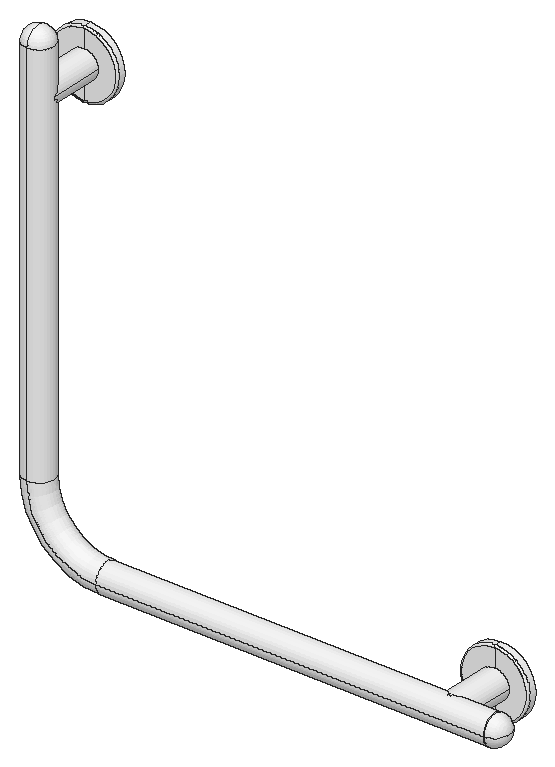
Revit family "rba-bim-rba4601-011", category Plumbing Fixtures, Revit 2016
Family settings
  Part Type = Normal
  Round Connector Dimension = Use Diameter
  Work Plane-Based = No
  Always vertical = Yes
  Cut with Voids When Loaded = No
  Shared = No
  Room Calculation Point = No
Parameters (values of type "RBA4601-011")
  Watermarked By = "www.rba.com.au"
  Waste Connection = yes
  Vent Connection = yes
  URL = "http://www.rba.com.au/accessible-disabled/grab-rails"
  Phone Number = "1300 788 778"
  OFFSET = 1000.0 mm
  Modified Issue = "20170620"
  Model = "RBA4601-011"
  Materials and Finishes = Stainless Steel / White Antibacterial Finish
  Manufacturer Model = ""
  Manufacturer = "RBA Group"
  HW Connection = yes
  Distance Away from Wall (default) = 100.0 mm
  Distance Away from Toilet (default) = 1090.0 mm
  Description = "90° Ambulant Grab Rail"
  Copyright by = "RBA Group"  # constant formula
  CW Connection = yes
Types (3, lengths in mm): name | Modified Issue | Model | Materials and Finishes | Description
  RBA4601-018 | "" | "RBA4601-018" | Stainless Steel / Matte Black Antibacterial Finish | 0.0
  RBA4601-019 | "" | "RBA4601-019" | Stainless Steel / Bright Finish | 0.0
  RBA4601-011 | "20170620" | "RBA4601-011" | Stainless Steel / White Antibacterial Finish | "90° Ambulant Grab Rail"
Reference planes
  plane 1 "Center (Front/Back)": y = 0
  plane 2: z = 0
  plane 3 "Center (Left/Right)": x = 0
  plane 4: x = -450
  plane 5: x = 66
  plane 6: y = -9.5
  plane 7: z = 450
  plane 8: z = 516
  plane 9: x = 50
  plane 10: z = 500
  plane 11: y = -55
Forms (mm)
  Extrusion 1, solid, material "Stainless Steel / White Antibacterial Finish" <- "Materials and Finishes"
    sketch origin (-267, 0, 0) x (-1, 0, 0) y (0, 0, -1)
      loop
        circle (-267, 0) r 16
    from 9.5 to 71
  Extrusion 2, solid, material "Stainless Steel / White Antibacterial Finish" <- "Materials and Finishes"
    sketch origin (-267, 0, 450) x (1, 0, 0) y (0, 0, 1)
      loop
        circle (-183, 0) r 16
    from 9.5 to 71
  Sweep 3, solid, material "Stainless Steel / White Antibacterial Finish" <- "Materials and Finishes"
    path origin (0, 0, 0) x (1, 0, 0) y (0, 0, 1)
      loop
        line (50, 0) -> (-375, 0)
        arc (-375, 0) -> (-428.033, 21.967) -> (-450, 75) r 75
        line (-450, 75) -> (-450, 500)
    profile origin (-162.5, 0, 0) x (0, 0, -1) y (0, -1, 0)
      loop
        circle (0, 71) r 16
  Revolve 4, solid, material "Stainless Steel / White Antibacterial Finish" <- "Materials and Finishes"
    sketch origin (-450, 0, 275) x (0, 0, -1) y (0, 1, 0)
      loop
        line (-241, -71) -> (-225, -71) -> (-225, -55)
        arc (-225, -55) -> (-236.314, -59.686) -> (-241, -71) r 16
      axis (-241, -71) -> (-225, -71)
    angle from 0 to 360
  Revolve 5, solid, material "Stainless Steel / White Antibacterial Finish" <- "Materials and Finishes"
    sketch origin (0, 0, -450) x (0, 1, 0) y (0, 0, 1)
      loop
        line (0, 487.5) -> (-7.5, 487.5)
        arc (-7.5, 487.5) -> (-8.914, 486.914) -> (-9.5, 485.5) r 2
        line (-9.5, 485.5) -> (-9.5, 450) -> (0, 450) -> (0, 487.5)
      axis (0, 450) -> (-9.5, 450)
    angle from 0 to 360
  Revolve 6, solid, material "Stainless Steel / White Antibacterial Finish" <- "Materials and Finishes"
    sketch origin (-450, 0, 0) x (0, 1, 0) y (0, 0, 1)
      loop
        line (0, 487.5) -> (-7.5, 487.5)
        arc (-7.5, 487.5) -> (-8.914, 486.914) -> (-9.5, 485.5) r 2
        line (-9.5, 485.5) -> (-9.5, 450) -> (0, 450) -> (0, 487.5)
      axis (0, 450) -> (-9.5, 450)
    angle from 0 to 360
  Revolve 7, solid, material "Stainless Steel / White Antibacterial Finish" <- "Materials and Finishes"
    sketch origin (-307, 0, 0) x (-1, 0, 0) y (0, -1, 0)
      loop
        arc (-373, 71) -> (-368.314, 59.686) -> (-357, 55) r 16
        line (-357, 55) -> (-357, 71) -> (-373, 71)
      axis (-373, 71) -> (-357, 71)
    angle from 0 to 360
Dimensions and locks
  plane 1 "Center (Front/Back)" to plane 6 = 9.5 mm
  plane 4 to plane 5 = 516.0 mm
  plane 7 to level = 450.0 mm
  plane 8 to level = 516.0 mm
  plane 3 "Center (Left/Right)" to plane 9 = 50.0 mm
  locked: plane 4 to plane 3 "Center (Left/Right)" at 450
  plane 4 to plane 9 = 500.0 mm
  plane 11 to plane 1 "Center (Front/Back)" = 55.0 mm
  plane 10 to level = 500.0 mm
  plane 3 "Center (Left/Right)" to plane 4 = 450.0 mm
  plane 9 to plane 4 = 500.0 mm
  plane 5 to plane 4 = 516.0 mm
  radius of Revolve 4 sketch curve = 16.0 mm
  radius of Revolve 7 sketch curve = 16.0 mm
  aligned and locked: plane 2 to level
  aligned and locked: plane 7 to Extrusion 2  (x3)
  aligned and locked: plane 10 to Sweep 3
  aligned and locked: plane 8 to Revolve 4 sketch curve
  aligned and locked: plane 10 to Revolve 4
  aligned and locked: plane 6 to Extrusion 2
  aligned and locked: plane 1 "Center (Front/Back)" to Revolve 6
  aligned and locked: Extrusion 2 to plane 6  (x3)
  aligned and locked: plane 1 "Center (Front/Back)" to Revolve 5
  aligned and locked: plane 6 to Extrusion 1
  aligned and locked: plane 4 to Revolve 6  (x3)
  aligned and locked: plane 3 "Center (Left/Right)" to Revolve 5  (x4)
  aligned and locked: Revolve 6 sketch curve to plane 6
  aligned and locked: Revolve 5 sketch curve to plane 6
  aligned and locked: Extrusion 1 to plane 6  (x3)
  aligned and locked: plane 9 to Revolve 7 sketch curve
  aligned and locked: plane 9 to Revolve 7
  aligned and locked: level to Extrusion 1
